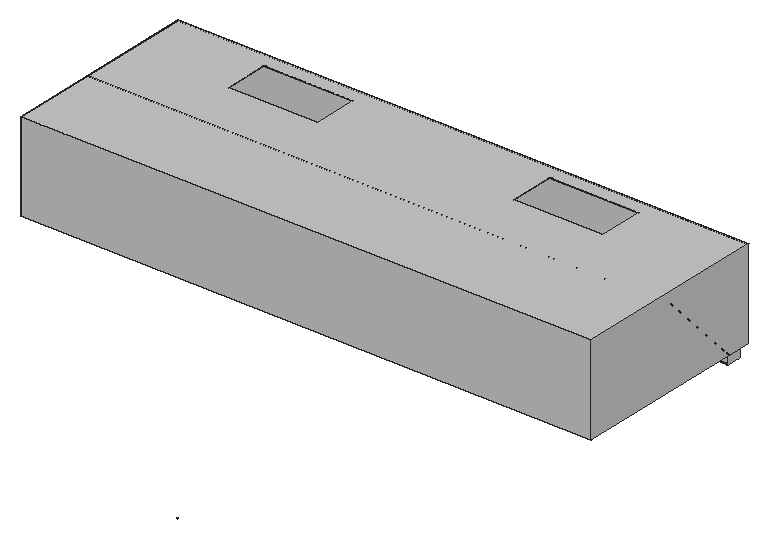
Revit family "QF_ELECTROLUXPROFESSIONAL_642020_EP1132T", category Specialty Equipment, Revit 2014
Reference planes
  plane 1 "Center (Front/Back)": y = 0
  plane 2: z = 0
  plane 3 "Center (Left/Right)": x = 150
  plane 4 "LEFT": x = -1450
  plane 5 "RIGHT": x = 1750
  plane 6 "BACK": y = 550
  plane 7 "FRONT": y = -550
  plane 8 "TOP": z = 2500
  plane 9 "Base": z = 2000
  plane 10: z = 1926
  plane 11 "DrainY": y = 485
  plane 12: x = -1447
  plane 13: through (0, 414.509, 2000.8) normal (0, 0.7314, 0.682)
  plane 14: y = 470
  plane 15: y = 220
  plane 16 "DrainX": x = 1630
  plane 17: x = -400
  plane 18: x = 700
  plane 19: x = -900
  plane 20: x = 1200
  plane 21: x = 1747
  plane 22: x = 1540
  plane 23: x = 1720
  plane 24: x = -1410
  plane 25: x = -1045
  plane 26: x = -650
  plane 27: x = 1710
  plane 28: x = 1345
  plane 29: x = 950
Forms (mm)
  Extrusion 1, solid, material "QF_Finishes_Stainless Steel"
    sketch origin (-1450, 0, 360) x (0, 1, 0) y (0, 0, 1)
      loop
        line (550, 1640) -> (550, 2140) -> (-550, 2140) -> (-550, 1640) -> (550, 1640)
    from 0 to 3
  Extrusion 2, solid, material "QF_Finishes_Stainless Steel"
    sketch origin (150, 0, 360) x (0, 1, 0) y (0, 0, 1)
      loop
        line (415.255, 1640) -> (550, 1640) -> (550, 2139.19) -> (549.2, 2139.19) -> (549.2, 1640.8) -> (415.876, 1640.8) -> (339.347, 1722.867) -> (349.609, 1732.436) -> (348.927, 1733.167) -> (337.934, 1722.917) -> (415.255, 1640)
      loop
        line (-82.203, 2139.19) -> (-82.203, 2118.6) -> (-31.047, 2118.6) -> (34.354, 2048.466) -> (46.028, 2059.352) -> (45.346, 2060.083) -> (34.403, 2049.879) -> (-30.612, 2119.6) -> (-81.203, 2119.6) -> (-81.203, 2139.19) -> (-82.203, 2139.19)
    from -1597 to 1597
  Extrusion 3, solid, material "QF_Finishes_Stainless Steel"
    sketch origin (1750, 0, 360) x (0, 1, 0) y (0, 0, 1)
      loop
        line (550, 1640) -> (550, 2140) -> (-550, 2140) -> (-550, 1640) -> (550, 1640)
    from 0 to -3
  Extrusion 4, solid, material "QF_Finishes_Stainless Steel"
    sketch origin (150, 0, 360) x (0, 1, 0) y (0, 0, 1)
      loop
        line (-550, 2140) -> (-550, 1640) -> (-549.2, 1640) -> (-549.2, 2139.19) -> (550, 2139.19) -> (550, 2140) -> (-550, 2140)
    from -1600 to 1600
  Extrusion 5, solid, material "QF_Finishes_Stainless Steel"
    sketch origin (150, 0, 360) x (0, 1, 0) y (0, 0, 1)
      loop
        line (534, 1640) -> (436, 1640) -> (436, 1627) -> (443.5, 1627) -> (443.5, 1576)
        arc (443.5, 1576) -> (446.429, 1568.929) -> (453.5, 1566) r 10
        line (453.5, 1566) -> (516.5, 1566)
        arc (516.5, 1566) -> (523.571, 1568.929) -> (526.5, 1576) r 10
        line (526.5, 1576) -> (526.5, 1627) -> (534, 1627) -> (534, 1640)
    from 1390 to 1570
  Extrusion 6, solid, material "QF_Finishes_Stainless Steel"
    sketch origin (0, 0, 2000) x (0, 1, 0) y (-1, 0, 0)
      loop
        circle (485, -1630) r 20
    from -76 to -74
  Extrusion 7, solid, material "QF_Finished_Chrome"
    sketch origin (150, 0, 360) x (0, 1, 0) y (0, 0, 1)
      loop
        line (337.934, 1722.917) -> (341.591, 1726.327) -> (38.011, 2051.876) -> (34.354, 2048.466) -> (337.934, 1722.917)
    from -1195 to -1560
  Extrusion 8, solid, material "QF_Finished_Chrome"
    sketch origin (150, 0, 360) x (0, 1, 0) y (0, 0, 1)
      loop
        line (337.934, 1722.917) -> (341.591, 1726.327) -> (38.011, 2051.876) -> (34.354, 2048.466) -> (337.934, 1722.917)
    from 800 to -800
  Extrusion 9, solid, material "QF_Finishes_Stainless Steel"
    sketch origin (150, 0, 360) x (0, 1, 0) y (0, 0, 1)
      loop
        line (337.934, 1722.917) -> (341.591, 1726.327) -> (38.011, 2051.876) -> (34.354, 2048.466) -> (337.934, 1722.917)
    from 1597 to 1560
  Extrusion 10, solid, material "QF_Finishes_Stainless Steel"
    sketch origin (150, 0, 360) x (0, 1, 0) y (0, 0, 1)
      loop
        line (341.588, 1726.324) -> (38.009, 2051.874) -> (34.354, 2048.466) -> (337.934, 1722.917) -> (341.588, 1726.324)
    from -1195 to -800
  Extrusion 11, solid, material "QF_Finished_Chrome"
    sketch origin (150, 0, 360) x (0, 1, 0) y (0, 0, 1)
      loop
        line (341.588, 1726.324) -> (38.009, 2051.874) -> (34.354, 2048.466) -> (337.934, 1722.917) -> (341.588, 1726.324)
    from 1195 to 1560
  Extrusion 12, void
    sketch origin (0, 0, 2500) x (0, 1, 0) y (-1, 0, 0)
      loop
        line (470, 900) -> (220, 900) -> (220, 400) -> (470, 400) -> (470, 900)
    from 0 to -10
  Extrusion 13, void
    sketch origin (940, 0, 2500) x (0, 1, 0) y (-1, 0, 0)
      loop
        line (470, 240) -> (220, 240) -> (220, -260) -> (470, -260) -> (470, 240)
    from 0 to -10
  Extrusion 14, solid, material "QF_Finishes_Stainless Steel"
    sketch origin (0, 0, 0) x (1, 0, 0) y (0, 1, 0)
      loop
        line (-1450, 550) -> (-1450, 549) -> (-1449, 549) -> (-1449, 550) -> (-1450, 550)
    from 0 to 1
  Extrusion 15, solid, material "QF_Finishes_Stainless Steel"
    sketch origin (150, 0, 360) x (0, 1, 0) y (0, 0, 1)
      loop
        line (337.934, 1722.917) -> (341.591, 1726.327) -> (38.011, 2051.876) -> (34.354, 2048.466) -> (337.934, 1722.917)
    from -1560 to -1597
  Extrusion 16, solid, material "QF_Finishes_Stainless Steel"
    sketch origin (150, 0, 360) x (0, 1, 0) y (0, 0, -1)
      loop
        line (341.588, -1726.324) -> (337.934, -1722.917) -> (34.354, -2048.466) -> (38.009, -2051.874) -> (341.588, -1726.324)
    from -1195 to -800
Cuts and joins
  Extrusion 12, Extrusion 13 cuts Extrusion 4
  joined: Extrusion 2, Extrusion 4
Lines and regions (mm)
  reference lines
    curve 1: line (150, 34.354, 2408.466) -> (150, 34.354, 2248.466)
  symbolic lines, style "SpecialityEquipment", detail levels coarse
    curve 2: line (1750, 550, 2500) -> (-1450, 550, 2500)
    curve 3: line (-1450, 550, 2500) -> (-1450, -550, 2500)
    curve 4: line (1750, -550, 2500) -> (1750, 550, 2500)
    curve 5: line (-1450, -550, 2500) -> (1750, -550, 2500)
    curve 6: line (-900, 220, 2500) -> (-400, 220, 2500)
    curve 7: line (-900, 470, 2500) -> (-900, 220, 2500)
    curve 8: line (-400, 470, 2500) -> (-900, 470, 2500)
    curve 9: line (-400, 220, 2500) -> (-400, 470, 2500)
    curve 10: line (700, 470, 2500) -> (700, 220, 2500)
    curve 11: line (700, 220, 2500) -> (1200, 220, 2500)
    curve 12: line (1200, 470, 2500) -> (700, 470, 2500)
    curve 13: line (1200, 220, 2500) -> (1200, 470, 2500)
    curve 14: line (-1450, -550, 0) -> (1750, 550, 0)
    curve 15: line (-1450, 550, 0) -> (1750, -550, 0)
Dimensions and locks
  plane 4 "LEFT" to plane 5 "RIGHT" = 3200 mm
  equal spacing: plane 4 "LEFT", plane 3 "Center (Left/Right)", plane 5 "RIGHT"
  plane 9 "Base" to plane 10 = 74 mm
  plane 6 "BACK" to plane 11 "DrainY" = 65 mm  (x2)
  plane 4 "LEFT" to plane 12 = 3 mm
  plane 6 "BACK" to plane 14 = 80 mm
  plane 14 to plane 15 = 250 mm  (x2)
  plane 16 "DrainX" to plane 5 "RIGHT" = 120 mm
  locked: plane 17 to plane 18 at 1100
  equal spacing: plane 17, plane 3 "Center (Left/Right)", plane 18
  plane 19 to plane 17 = 500 mm
  plane 18 to plane 20 = 500 mm
  plane 21 to plane 5 "RIGHT" = 3 mm
  locked: plane 22 to plane 16 "DrainX" at 90
  locked: plane 16 "DrainX" to plane 23 at 90
  plane 6 "BACK" to plane 7 "FRONT" = 1100 mm  (x2)
  equal spacing: plane 6 "BACK", plane 1 "Center (Front/Back)", plane 7 "FRONT"
  plane 15 to plane 7 "FRONT" = 770 mm
  plane 14 to plane 6 "BACK" = 80 mm
  locked: plane 4 "LEFT" to plane 24 at 40
  locked: plane 24 to plane 25 at 365
  locked: plane 25 to plane 26 at 395
  locked: plane 27 to plane 28 at 365
  locked: plane 28 to plane 29 at 395
  locked: plane 27 to plane 5 "RIGHT" at 40
  plane 26 to plane 29 = 1600 mm
  locked: plane 9 "Base" to level at 2000
  locked: plane 8 "TOP" to plane 9 "Base" at 500
  aligned and locked: level to plane 2
  aligned and locked: Extrusion 2 to Extrusion 1
  aligned and locked: Extrusion 2 to Extrusion 3
  aligned and locked: plane 5 "RIGHT" to Extrusion 4
  aligned and locked: Extrusion 4 to plane 4 "LEFT"
  aligned and locked: plane 21 to Extrusion 9
  aligned and locked: plane 19 to Extrusion 12
  aligned and locked: Extrusion 12 to plane 17
  aligned and locked: Extrusion 12 to plane 15
  aligned and locked: Extrusion 12 to plane 14
  aligned and locked: Extrusion 13 to plane 20
  aligned and locked: plane 18 to Extrusion 13
  aligned and locked: Extrusion 2 to Extrusion 4
  aligned and locked: plane 23 to Extrusion 5
  aligned and locked: Extrusion 5 to plane 22
  aligned and locked: Extrusion 9 to plane 27
  aligned and locked: Extrusion 11 to plane 27
  aligned and locked: Extrusion 11 to plane 28
  aligned and locked: Extrusion 8 to plane 29
  aligned and locked: Extrusion 8 to plane 26
  aligned and locked: plane 26 to Extrusion 10
  aligned and locked: Extrusion 10 to plane 25
  aligned and locked: plane 25 to Extrusion 7
  aligned and locked: Extrusion 7 to plane 24
  aligned and locked: Extrusion 15 to plane 12
  aligned and locked: plane 24 to Extrusion 15
  aligned and locked: Extrusion 16 to plane 29
  aligned and locked: Extrusion 16 to plane 28
  aligned and locked: Extrusion 3 to plane 21
Automatic sketch dimensions
  curve 5 to plane 4 "LEFT" = 0 mm
  curve 5 to plane 7 "FRONT" = 0 mm
  curve 9 to plane 15 = 0 mm
  curve 10 to plane 15 = 0 mm
  plane 14 to curve 8 = 0 mm
  plane 14 to curve 12 = 0 mm
  curve 3 to plane 6 "BACK" = 0 mm
  curve 5 to plane 5 "RIGHT" = 0 mm
  curve 11 to plane 20 = 0 mm
  curve 10 to plane 18 = 0 mm
  curve 6 to plane 17 = 0 mm
  curve 6 to plane 19 = 0 mm
  Extrusion 1 sketch curve to plane 9 "Base" = 0 mm
  Extrusion 1 sketch curve to plane 6 "BACK" = 0 mm
  Extrusion 1 sketch curve to plane 8 "TOP" = 0 mm
  Extrusion 2 sketch curve to plane 13 = 0 mm  (x3)
  Extrusion 2 sketch curve to plane 9 "Base" = 0 mm
  plane 13 to Extrusion 2 sketch curve = 0 mm
  Extrusion 2 sketch curve to plane 6 "BACK" = 0 mm
  Extrusion 2 sketch curve to Extrusion 2 sketch curve = 65.646 mm
  Extrusion 2 sketch curve to Extrusion 2 sketch curve = 0.682 mm  (x2)
  Extrusion 2 sketch curve to Extrusion 2 sketch curve = 10.261 mm
  plane 9 "Base" to Extrusion 2 sketch curve = 82.917 mm
  Extrusion 2 sketch curve to plane 1 "Center (Front/Back)" = 46.028 mm
  Extrusion 2 sketch curve to Extrusion 2 sketch curve = 10.942 mm
  Extrusion 2 sketch curve to Extrusion 2 sketch curve = 0.049 mm
  Extrusion 2 sketch curve to plane 8 "TOP" = 20.4 mm
  Extrusion 2 sketch curve to plane 8 "TOP" = 21.4 mm
  Extrusion 2 sketch curve to plane 8 "TOP" = 0.81 mm  (x2)
  Extrusion 2 sketch curve to Extrusion 2 sketch curve = 50.156 mm
  Extrusion 2 sketch curve to Extrusion 2 sketch curve = 1 mm
  plane 9 "Base" to Extrusion 2 sketch curve = 0.8 mm
  Extrusion 2 sketch curve to plane 6 "BACK" = 0.8 mm
  Extrusion 3 sketch curve to plane 9 "Base" = 0 mm
  Extrusion 3 sketch curve to plane 6 "BACK" = 0 mm
  Extrusion 3 sketch curve to plane 8 "TOP" = 0 mm
  Extrusion 4 sketch curve to plane 7 "FRONT" = 0 mm
  Extrusion 4 sketch curve to plane 6 "BACK" = 0 mm
  Extrusion 4 sketch curve to plane 8 "TOP" = 0 mm
  plane 7 "FRONT" to Extrusion 4 sketch curve = 0.8 mm
  Extrusion 4 sketch curve to plane 8 "TOP" = 0.81 mm
  curve 1 to plane 13 = 0 mm
  curve 1 to plane 1 "Center (Front/Back)" = 34.354 mm
  Extrusion 5 sketch curve to plane 9 "Base" = 0 mm
  Extrusion 5 sketch curve to plane 10 = 0 mm
  Extrusion 5 sketch curve to plane 9 "Base" = 13 mm  (x2)
  plane 14 to Extrusion 5 sketch curve = 34 mm
  Extrusion 5 sketch curve to Extrusion 5 sketch curve = 7.5 mm  (x2)
  Extrusion 5 sketch curve to Extrusion 5 sketch curve = 10 mm
  plane 11 "DrainY" to Extrusion 5 sketch curve = 31.5 mm
  Extrusion 5 sketch curve to plane 6 "BACK" = 23.5 mm
  Extrusion 6 sketch curve to plane 11 "DrainY" = 0 mm
  Extrusion 6 sketch curve to plane 16 "DrainX" = 0 mm
  Extrusion 7 sketch curve to plane 13 = 0 mm  (x2)
  Extrusion 7 sketch curve to plane 1 "Center (Front/Back)" = 34.354 mm
  Extrusion 7 sketch curve to Extrusion 7 sketch curve = 3.657 mm
  plane 9 "Base" to Extrusion 7 sketch curve = 82.917 mm
  Extrusion 8 sketch curve to plane 13 = 0 mm  (x2)
  Extrusion 8 sketch curve to plane 1 "Center (Front/Back)" = 34.354 mm
  Extrusion 8 sketch curve to Extrusion 8 sketch curve = 3.657 mm
  plane 9 "Base" to Extrusion 8 sketch curve = 82.917 mm
  Extrusion 9 sketch curve to plane 13 = 0 mm  (x2)
  Extrusion 9 sketch curve to plane 1 "Center (Front/Back)" = 34.354 mm
  Extrusion 9 sketch curve to Extrusion 9 sketch curve = 3.657 mm
  plane 9 "Base" to Extrusion 9 sketch curve = 82.917 mm
  Extrusion 10 sketch curve to plane 13 = 0 mm  (x2)
  Extrusion 10 sketch curve to plane 1 "Center (Front/Back)" = 34.354 mm
  Extrusion 10 sketch curve to Extrusion 10 sketch curve = 3.655 mm
  plane 9 "Base" to Extrusion 10 sketch curve = 82.917 mm
  Extrusion 11 sketch curve to plane 13 = 0 mm  (x2)
  Extrusion 11 sketch curve to plane 1 "Center (Front/Back)" = 34.354 mm
  Extrusion 11 sketch curve to Extrusion 11 sketch curve = 3.655 mm
  plane 9 "Base" to Extrusion 11 sketch curve = 82.917 mm
  Extrusion 12 sketch curve to plane 15 = 0 mm
  plane 14 to Extrusion 12 sketch curve = 0 mm
  Extrusion 12 sketch curve to plane 17 = 0 mm
  Extrusion 12 sketch curve to plane 19 = 0 mm
  Extrusion 13 sketch curve to plane 15 = 0 mm
  plane 14 to Extrusion 13 sketch curve = 0 mm
  Extrusion 13 sketch curve to plane 20 = 0 mm
  Extrusion 13 sketch curve to plane 18 = 0 mm
  Extrusion 14 sketch curve to plane 4 "LEFT" = 0 mm
  Extrusion 14 sketch curve to plane 6 "BACK" = 0 mm
  plane 4 "LEFT" to Extrusion 14 sketch curve = 1 mm
  Extrusion 14 sketch curve to plane 6 "BACK" = 1 mm
  Extrusion 15 sketch curve to plane 13 = 0 mm  (x2)
  Extrusion 15 sketch curve to plane 1 "Center (Front/Back)" = 34.354 mm
  Extrusion 15 sketch curve to Extrusion 15 sketch curve = 3.657 mm
  plane 9 "Base" to Extrusion 15 sketch curve = 82.917 mm
  Extrusion 16 sketch curve to plane 13 = 0 mm  (x2)
  Extrusion 16 sketch curve to plane 1 "Center (Front/Back)" = 34.354 mm
  Extrusion 16 sketch curve to Extrusion 16 sketch curve = 3.655 mm
  plane 9 "Base" to Extrusion 16 sketch curve = 82.917 mm
  Extrusion 4 sketch curve to Extrusion 4 sketch curve = 499.19 mm
  curve 1 to curve 1 = 160 mm
  Extrusion 1 sketch curve to plane 7 "FRONT" = 0 mm
  Extrusion 3 sketch curve to plane 7 "FRONT" = 0 mm
  curve 15 to plane 4 "LEFT" = 0 mm
  curve 14 to plane 4 "LEFT" = 0 mm
  curve 15 to plane 5 "RIGHT" = 0 mm
  curve 14 to plane 5 "RIGHT" = 0 mm
  curve 15 to plane 7 "FRONT" = 0 mm
  curve 14 to plane 7 "FRONT" = 0 mm
  curve 15 to plane 6 "BACK" = 0 mm
  curve 14 to plane 6 "BACK" = 0 mm
  radius of Extrusion 6 sketch curve = 20 mm
Connectors
  piping at (1630, 485, 1924), diameter 20
    settings: on Extrusion 6, index 1, connector inside diameter 609.6 mm, connector length 0 mm, flow factor 0, pipe flow 0.0 L/s, pressure drop 0.0 Pa, fitting loss kfactor 0, connector angle 0.00°, fixture units 0, engagement length 0 mm, angle of deflection 0.00°, flow configuration 1, flow direction 2, fitting loss method 0, system type 16, joint type 0, gender type 0, connector reference index -1, connector utility 0, adjustable connector no, is connector primary yes, connector description "Drain"
  hvac at (-650, 345, 2500)
    settings: on Extrusion 12, index 2, duct flow 0.0 L/s, flow factor 0, pres drop 0.0 Pa, loss coef 0, conn angle 0.00°, conn width 250 mm, conn height 500 mm, conn diameter 609.6 mm, duct sys type 3, conn prof type 1, flow config 1, flow direction 0, loss method 0, conn ref index -1, conn util no, is conn primary yes, conn desc "EXHAUST OUTLET"
  hvac at (950, 345, 2500)
    settings: on Extrusion 13, index 3, duct flow 0.0 L/s, flow factor 0, pres drop 0.0 Pa, loss coef 0, conn angle 0.00°, conn width 250 mm, conn height 500 mm, conn diameter 609.6 mm, duct sys type 3, conn prof type 1, flow config 1, flow direction 0, loss method 0, conn ref index -1, conn util no, is conn primary no, conn desc "EXHAUST OUTLET"
